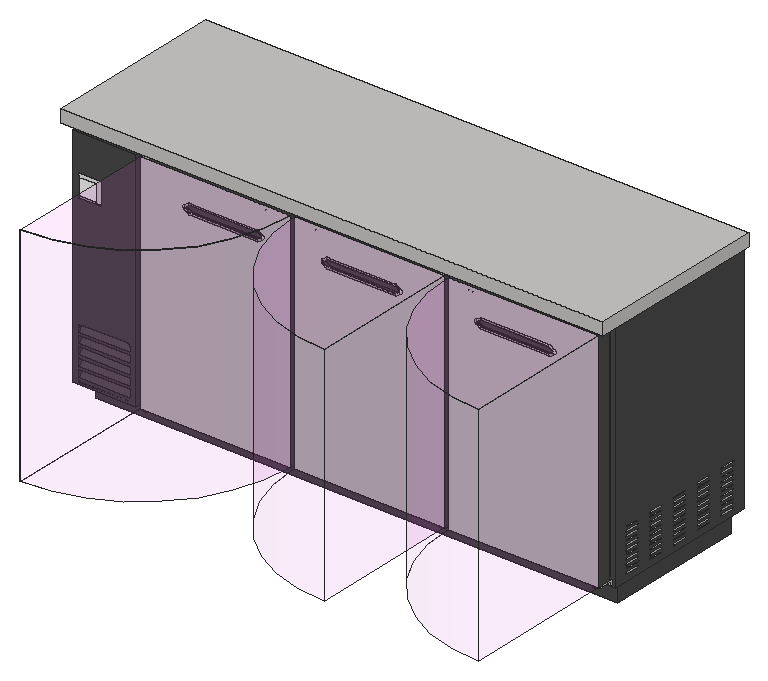
Revit family "QF_Kelvinator_738271_KCHBB72S", category Specialty Equipment, Revit 2021
Family settings
  Round Connector Dimension = Use Diameter
  Part Type = Normal
  Work Plane-Based = No
  Always vertical = Yes
  Cut with Voids When Loaded = No
  Shared = No
  Room Calculation Point = No
Parameters
  Weight in Pounds = 268.964
  Weight = 119.00 lbm
  Watts = 0 W
  Volts = 115 V
  URL Manufacturer = "KELVINATOR"
  URL Cutsheet = ""
  URL = "KELVINATOR"
  Specification by User = ""
  Specification by Manufacturer = ""
  Serial Number = ""
  Seismic Rating = ""
  SMACNA No = ""
  Revision Code = ""
  Refrigerant Type = "R290"
  Phase = 1
  Number of Poles = 1
  NAFEM Spec ID Number = ""
  Model = "KCHBB72S"
  Min Ckt Ampacity = 0 A
  Max Overcurrent Protection = 0 A
  Masterspec = ""
  Manufacturer = "Kelvinator"
  Length Actual = 1856"
  Length = 73 1/16"
  Item Number = "738271"
  Installed By = ""
  Identify Quantity as Lot = yes
  Height Actual = 920"
  Height = 36 1/4"
  HP = "0.4 HP"
  Gas KW = 0
  Furnished By = ""
  Foodservice Equipment Identifier = yes
  FL Amps = 3 A
  Electrical Remarks = ""
  Electric Connection Type = ""
  Elec Conn RI Height = 0"
  Elec Conn Connection Height = 0"
  Description = "3-SOLID DOOR BACK BAR REFRIGERATOR BLACK 73\" LONG"
  Depth Actual = 620"
  Depth = 24 7/16"
  Default Elevation = 0"
  Cycle = 60 Hz
  Conn Plug = "5-15P"
  Conn Conduit = yes
  CSI MasterFormat = ""
  Apparent Power = 0 VA
  Accessory = no
Reference planes (in)
  plane 1 "BACK": y = 0
  plane 2: z = 0
  plane 3 "LEFT": x = 0
  plane 4 "RIGHT": x = 73.0625
  plane 5 "FRONT": y = -24.4375
  plane 6 "TOP": z = 36.25
  plane 7 "Center Y": x = 36.53125
  plane 8 "Center X": y = -12.21875
Dimensions and locks (in)
  equal spacing: plane 3 "LEFT", plane 7 "Center Y", plane 4 "RIGHT"
  "Length": plane 3 "LEFT" to plane 4 "RIGHT"
  equal spacing: plane 5 "FRONT", plane 8 "Center X", plane 1 "BACK"
  "Depth": plane 5 "FRONT" to plane 1 "BACK"
  "Height": plane 6 "TOP" to level
  aligned and locked: level to plane 2
Nested families (in)
  nested 1: "KCHBB48S" at (0, 0, 0), type "KCHBB48S"
    with Show Clearance yes
Connectors (in)
  electrical at (36.53125, -0.715, 2.1875), driven by "Volts", driven by "Watts"
    settings: on nested 1, index 1, voltage 115 V, apparent load 0 VA, apparent load phase1 0 VA, apparent load phase2 0 VA, apparent load phase3 0 VA, power factor 1, load classification "Other", number of poles 1, system type 30, power factor state 1, is connector primary yes, connector utility no, sub classification motor no, connector description ""
Definition of nested family "KCHBB48S"
  Parameters (values of type "KCHBB48S")
    Weight in Pounds = 0
    URL Cutsheet = ""
    Specification by User = ""
    Specification by Manufacturer = ""
    Show Clearance [instance] = yes
    Serial Number = ""
    Seismic Rating = ""
    SMACNA No = ""
    Revision Code = ""
    NAFEM Spec ID Number = ""
    Masterspec = ""
    Length = 73 1/16"
    Item Number = ""
    Installed By = ""
    Identify Quantity as Lot = yes
    Height = 36 1/4"
    Furnished By = ""
    Foodservice Equipment Identifier = yes
    Depth = 24 7/16"
    Default Elevation = 0"
    CSI MasterFormat = ""
  Reference planes (in)
    plane 1 "BACK": y = 0
    plane 2: z = 0
    plane 3 "LEFT": x = 0
    plane 4 "RIGHT": x = 73.0625
    plane 5 "FRONT": y = -24.4375
    plane 6 "TOP": z = 36.25
    plane 7 "Center Y": x = 36.53125
    plane 8 "Center X": y = -12.21875
    plane 9: x = 72.46875
    plane 10: x = 0.59375
    plane 11: x = 71.96875
    plane 12: x = 51.76875
    plane 13: x = 30.46875
    plane 14: x = 10.26875
    plane 15: x = 9.68375
    plane 16: x = 1.18375
    plane 17: z = 2.6875
    plane 18: z = 34.5875
    plane 19: y = -40.8
    plane 20: y = -21.6
    plane 21: x = 1.34375
    plane 22: x = 71.71875
    plane 23: y = -1.34
    plane 24: y = -20.26
    plane 25: z = 33.8375
    plane 26: z = 3.4375
    plane 27: y = -22.1
    plane 28: x = 1.93375
    plane 29: x = 8.93375
    plane 30: x = 51.26875
    plane 31: x = 31.06875
  Forms (in)
    Extrusion 1, solid
      sketch origin (0.59375, -180, -2.6612) x (0, 0, -1) y (0, -1, 0)
        loop
          line (-5.3487, -180) -> (-5.3487, -158.4) -> (-37.2487, -158.4) -> (-37.2487, -180) -> (-5.3487, -180)
      from 0 to -71.875
    Extrusion 2, solid
      sketch origin (0, 0, 0) x (0, 1, 0) y (0, 0, 1)
        loop
          line (-24.4375, 36.25) -> (-24.4375, 34.5875) -> (0, 34.5875) -> (0, 36.25) -> (-24.4375, 36.25)
      from 0 to 73.0625
    Extrusion 3, solid
      sketch origin (0, -1.34, 0) x (0, 0, -1) y (1, 0, 0)
        loop
          line (-2.6875, 1.34375) -> (0, 1.34375) -> (0, 71.71875) -> (-2.6875, 71.71875) -> (-2.6875, 1.34375)
      from 0 to 18.92
    Extrusion 4, solid
      sketch origin (0, -22.1, 34.5875) x (0, 0, 1) y (1, 0, 0)
        loop
          line (-0.75, 1.18375) -> (-0.75, 9.68375) -> (-31.15, 9.68375) -> (-31.15, 1.18375) -> (-0.75, 1.18375)
      from 0.5 to -1.75
    Extrusion 5, void
      sketch origin (1.93375, -180, 12.66737) x (0, 0, -1) y (0, -1, 0)
        loop
          line (8.97987, -157.025) -> (8.97987, -154.65) -> (1.85487, -154.65) -> (1.85487, -157.025) -> (2.10487, -157.025) -> (2.97987, -156.15) -> (3.22987, -156.15) -> (3.22987, -157.025) -> (3.47987, -157.025) -> (4.35487, -156.15) -> (4.60487, -156.15) -> (4.60487, -157.025) -> (4.85487, -157.025) -> (5.72987, -156.15) -> (5.97987, -156.15) -> (5.97987, -157.025) -> (6.22987, -157.025) -> (7.10487, -156.15) -> (7.35487, -156.15) -> (7.35487, -157.025) -> (7.60487, -157.025) -> (8.47987, -156.15) -> (8.72987, -156.15) -> (8.72987, -157.025) -> (8.97987, -157.025)
      from 0 to -7
    Extrusion 6, solid
      sketch origin (71.96875, -23.85, 3.4375) x (0, 0, 1) y (-1, 0, 0)
        loop
          line (7.375, 63.535) -> (7.375, 69.535)
          arc (7.375, 69.535) -> (7.22855, 69.88855) -> (6.875, 70.035) r 0.5
          line (6.875, 70.035) -> (0.75, 70.035)
          arc (0.75, 70.035) -> (0.39645, 69.88855) -> (0.25, 69.535) r 0.5
          line (0.25, 69.535) -> (0.25, 63.535)
          arc (0.25, 63.535) -> (0.39645, 63.18145) -> (0.75, 63.035) r 0.5
          line (0.75, 63.035) -> (6.875, 63.035)
          arc (6.875, 63.035) -> (7.22855, 63.18145) -> (7.375, 63.535) r 0.5
        loop
          line (7.625, 63.535) -> (7.625, 69.535)
          arc (7.625, 69.535) -> (7.40533, 70.06533) -> (6.875, 70.285) r 0.75
          line (6.875, 70.285) -> (0.75, 70.285)
          arc (0.75, 70.285) -> (0.21967, 70.06533) -> (0, 69.535) r 0.75
          line (0, 69.535) -> (0, 63.535)
          arc (0, 63.535) -> (0.21967, 63.00467) -> (0.75, 62.785) r 0.75
          line (0.75, 62.785) -> (6.875, 62.785)
          arc (6.875, 62.785) -> (7.40533, 63.00467) -> (7.625, 63.535) r 0.75
      from 0 to -0.875
    Blend 7, solid
      base sketch origin (71.96875, -23.85, 3.4375) x (0, 0, 1) y (-1, 0, 0)
        loop
          line (25.18493, 69.65025) -> (22.93493, 69.65025) -> (22.93493, 67.40025) -> (25.18493, 67.40025) -> (25.18493, 69.65025)
      top sketch origin (71.96875, -23.85, 3.4375) x (0, 0, 1) y (-1, 0, 0)
        loop
          line (25.56493, 70.03025) -> (22.55493, 70.03025) -> (22.55493, 67.02025) -> (25.56493, 67.02025) -> (25.56493, 70.03025)
      from 0.21643 to 0
    Extrusion 8, void
      sketch origin (0.59375, -180, -2.6612) x (0, 0, 1) y (0, -1, 0)
        loop
          arc (12.07129, -160.16063) -> (11.91504, -160.00438) -> (11.75879, -160.16063) r 0.15625
          line (11.75879, -160.16063) -> (11.75879, -162.09813)
          arc (11.75879, -162.09813) -> (11.91504, -162.25438) -> (12.07129, -162.09813) r 0.15625
          line (12.07129, -162.09813) -> (12.07129, -160.16063)
        loop
          arc (11.50879, -160.16063) -> (11.35254, -160.00438) -> (11.19629, -160.16063) r 0.15625
          line (11.19629, -160.16063) -> (11.19629, -162.09813)
          arc (11.19629, -162.09813) -> (11.35254, -162.25438) -> (11.50879, -162.09813) r 0.15625
          line (11.50879, -162.09813) -> (11.50879, -160.16063)
        loop
          arc (10.94629, -160.16063) -> (10.79004, -160.00438) -> (10.63379, -160.16063) r 0.15625
          line (10.63379, -160.16063) -> (10.63379, -162.09813)
          arc (10.63379, -162.09813) -> (10.79004, -162.25438) -> (10.94629, -162.09813) r 0.15625
          line (10.94629, -162.09813) -> (10.94629, -160.16063)
        loop
          arc (10.38379, -160.16063) -> (10.22754, -160.00438) -> (10.07129, -160.16063) r 0.15625
          line (10.07129, -160.16063) -> (10.07129, -162.09813)
          arc (10.07129, -162.09813) -> (10.22754, -162.25438) -> (10.38379, -162.09813) r 0.15625
          line (10.38379, -162.09813) -> (10.38379, -160.16063)
        loop
          arc (9.82129, -160.16063) -> (9.66504, -160.00438) -> (9.50879, -160.16063) r 0.15625
          line (9.50879, -160.16063) -> (9.50879, -162.09813)
          arc (9.50879, -162.09813) -> (9.66504, -162.25438) -> (9.82129, -162.09813) r 0.15625
          line (9.82129, -162.09813) -> (9.82129, -160.16063)
        loop
          arc (9.25879, -160.16063) -> (9.10254, -160.00438) -> (8.94629, -160.16063) r 0.15625
          line (8.94629, -160.16063) -> (8.94629, -162.09813)
          arc (8.94629, -162.09813) -> (9.10254, -162.25438) -> (9.25879, -162.09813) r 0.15625
          line (9.25879, -162.09813) -> (9.25879, -160.16063)
        loop
          arc (8.69629, -160.16063) -> (8.54004, -160.00438) -> (8.38379, -160.16063) r 0.15625
          line (8.38379, -160.16063) -> (8.38379, -162.09813)
          arc (8.38379, -162.09813) -> (8.54004, -162.25438) -> (8.69629, -162.09813) r 0.15625
          line (8.69629, -162.09813) -> (8.69629, -160.16063)
        loop
          arc (8.13379, -160.16063) -> (7.97754, -160.00438) -> (7.82129, -160.16063) r 0.15625
          line (7.82129, -160.16063) -> (7.82129, -162.09813)
          arc (7.82129, -162.09813) -> (7.97754, -162.25438) -> (8.13379, -162.09813) r 0.15625
          line (8.13379, -162.09813) -> (8.13379, -160.16063)
        loop
          arc (7.57129, -160.16063) -> (7.41504, -160.00438) -> (7.25879, -160.16063) r 0.15625
          line (7.25879, -160.16063) -> (7.25879, -162.09813)
          arc (7.25879, -162.09813) -> (7.41504, -162.25438) -> (7.57129, -162.09813) r 0.15625
          line (7.57129, -162.09813) -> (7.57129, -160.16063)
        loop
          arc (7.00879, -160.16063) -> (6.85254, -160.00438) -> (6.69629, -160.16063) r 0.15625
          line (6.69629, -160.16063) -> (6.69629, -162.09813)
          arc (6.69629, -162.09813) -> (6.85254, -162.25438) -> (7.00879, -162.09813) r 0.15625
          line (7.00879, -162.09813) -> (7.00879, -160.16063)
        loop
          arc (6.44629, -160.16063) -> (6.29004, -160.00438) -> (6.13379, -160.16063) r 0.15625
          line (6.13379, -160.16063) -> (6.13379, -162.09813)
          arc (6.13379, -162.09813) -> (6.29004, -162.25438) -> (6.44629, -162.09813) r 0.15625
          line (6.44629, -162.09813) -> (6.44629, -160.16063)
        loop
          arc (12.07129, -164.16063) -> (11.91504, -164.00438) -> (11.75879, -164.16063) r 0.15625
          line (11.75879, -164.16063) -> (11.75879, -166.09813)
          arc (11.75879, -166.09813) -> (11.91504, -166.25438) -> (12.07129, -166.09813) r 0.15625
          line (12.07129, -166.09813) -> (12.07129, -164.16063)
        loop
          arc (11.50879, -164.16063) -> (11.35254, -164.00438) -> (11.19629, -164.16063) r 0.15625
          line (11.19629, -164.16063) -> (11.19629, -166.09813)
          arc (11.19629, -166.09813) -> (11.35254, -166.25438) -> (11.50879, -166.09813) r 0.15625
          line (11.50879, -166.09813) -> (11.50879, -164.16063)
        loop
          arc (10.94629, -164.16063) -> (10.79004, -164.00438) -> (10.63379, -164.16063) r 0.15625
          line (10.63379, -164.16063) -> (10.63379, -166.09813)
          arc (10.63379, -166.09813) -> (10.79004, -166.25438) -> (10.94629, -166.09813) r 0.15625
          line (10.94629, -166.09813) -> (10.94629, -164.16063)
        loop
          arc (10.38379, -164.16063) -> (10.22754, -164.00438) -> (10.07129, -164.16063) r 0.15625
          line (10.07129, -164.16063) -> (10.07129, -166.09813)
          arc (10.07129, -166.09813) -> (10.22754, -166.25438) -> (10.38379, -166.09813) r 0.15625
          line (10.38379, -166.09813) -> (10.38379, -164.16063)
        loop
          arc (9.82129, -164.16063) -> (9.66504, -164.00438) -> (9.50879, -164.16063) r 0.15625
          line (9.50879, -164.16063) -> (9.50879, -166.09813)
          arc (9.50879, -166.09813) -> (9.66504, -166.25438) -> (9.82129, -166.09813) r 0.15625
          line (9.82129, -166.09813) -> (9.82129, -164.16063)
        loop
          arc (9.25879, -164.16063) -> (9.10254, -164.00438) -> (8.94629, -164.16063) r 0.15625
          line (8.94629, -164.16063) -> (8.94629, -166.09813)
          arc (8.94629, -166.09813) -> (9.10254, -166.25438) -> (9.25879, -166.09813) r 0.15625
          line (9.25879, -166.09813) -> (9.25879, -164.16063)
        loop
          arc (8.69629, -164.16063) -> (8.54004, -164.00438) -> (8.38379, -164.16063) r 0.15625
          line (8.38379, -164.16063) -> (8.38379, -166.09813)
          arc (8.38379, -166.09813) -> (8.54004, -166.25438) -> (8.69629, -166.09813) r 0.15625
          line (8.69629, -166.09813) -> (8.69629, -164.16063)
        loop
          arc (8.13379, -164.16063) -> (7.97754, -164.00438) -> (7.82129, -164.16063) r 0.15625
          line (7.82129, -164.16063) -> (7.82129, -166.09813)
          arc (7.82129, -166.09813) -> (7.97754, -166.25438) -> (8.13379, -166.09813) r 0.15625
          line (8.13379, -166.09813) -> (8.13379, -164.16063)
        loop
          arc (7.57129, -164.16063) -> (7.41504, -164.00438) -> (7.25879, -164.16063) r 0.15625
          line (7.25879, -164.16063) -> (7.25879, -166.09813)
          arc (7.25879, -166.09813) -> (7.41504, -166.25438) -> (7.57129, -166.09813) r 0.15625
          line (7.57129, -166.09813) -> (7.57129, -164.16063)
        loop
          arc (7.00879, -164.16063) -> (6.85254, -164.00438) -> (6.69629, -164.16063) r 0.15625
          line (6.69629, -164.16063) -> (6.69629, -166.09813)
          arc (6.69629, -166.09813) -> (6.85254, -166.25438) -> (7.00879, -166.09813) r 0.15625
          line (7.00879, -166.09813) -> (7.00879, -164.16063)
        loop
          arc (6.44629, -164.16063) -> (6.29004, -164.00438) -> (6.13379, -164.16063) r 0.15625
          line (6.13379, -164.16063) -> (6.13379, -166.09813)
          arc (6.13379, -166.09813) -> (6.29004, -166.25438) -> (6.44629, -166.09813) r 0.15625
          line (6.44629, -166.09813) -> (6.44629, -164.16063)
        loop
          arc (12.07129, -168.16063) -> (11.91504, -168.00438) -> (11.75879, -168.16063) r 0.15625
          line (11.75879, -168.16063) -> (11.75879, -170.09813)
          arc (11.75879, -170.09813) -> (11.91504, -170.25438) -> (12.07129, -170.09813) r 0.15625
          line (12.07129, -170.09813) -> (12.07129, -168.16063)
        loop
          arc (11.50879, -168.16063) -> (11.35254, -168.00438) -> (11.19629, -168.16063) r 0.15625
          line (11.19629, -168.16063) -> (11.19629, -170.09813)
          arc (11.19629, -170.09813) -> (11.35254, -170.25438) -> (11.50879, -170.09813) r 0.15625
          line (11.50879, -170.09813) -> (11.50879, -168.16063)
        loop
          arc (10.94629, -168.16063) -> (10.79004, -168.00438) -> (10.63379, -168.16063) r 0.15625
          line (10.63379, -168.16063) -> (10.63379, -170.09813)
          arc (10.63379, -170.09813) -> (10.79004, -170.25438) -> (10.94629, -170.09813) r 0.15625
          line (10.94629, -170.09813) -> (10.94629, -168.16063)
        loop
          arc (10.38379, -168.16063) -> (10.22754, -168.00438) -> (10.07129, -168.16063) r 0.15625
          line (10.07129, -168.16063) -> (10.07129, -170.09813)
          arc (10.07129, -170.09813) -> (10.22754, -170.25438) -> (10.38379, -170.09813) r 0.15625
          line (10.38379, -170.09813) -> (10.38379, -168.16063)
        loop
          arc (9.82129, -168.16063) -> (9.66504, -168.00438) -> (9.50879, -168.16063) r 0.15625
          line (9.50879, -168.16063) -> (9.50879, -170.09813)
          arc (9.50879, -170.09813) -> (9.66504, -170.25438) -> (9.82129, -170.09813) r 0.15625
          line (9.82129, -170.09813) -> (9.82129, -168.16063)
        loop
          arc (9.25879, -168.16063) -> (9.10254, -168.00438) -> (8.94629, -168.16063) r 0.15625
          line (8.94629, -168.16063) -> (8.94629, -170.09813)
          arc (8.94629, -170.09813) -> (9.10254, -170.25438) -> (9.25879, -170.09813) r 0.15625
          line (9.25879, -170.09813) -> (9.25879, -168.16063)
        loop
          arc (8.69629, -168.16063) -> (8.54004, -168.00438) -> (8.38379, -168.16063) r 0.15625
          line (8.38379, -168.16063) -> (8.38379, -170.09813)
          arc (8.38379, -170.09813) -> (8.54004, -170.25438) -> (8.69629, -170.09813) r 0.15625
          line (8.69629, -170.09813) -> (8.69629, -168.16063)
        loop
          arc (8.13379, -168.16063) -> (7.97754, -168.00438) -> (7.82129, -168.16063) r 0.15625
          line (7.82129, -168.16063) -> (7.82129, -170.09813)
          arc (7.82129, -170.09813) -> (7.97754, -170.25438) -> (8.13379, -170.09813) r 0.15625
          line (8.13379, -170.09813) -> (8.13379, -168.16063)
        loop
          arc (7.57129, -168.16063) -> (7.41504, -168.00438) -> (7.25879, -168.16063) r 0.15625
          line (7.25879, -168.16063) -> (7.25879, -170.09813)
          arc (7.25879, -170.09813) -> (7.41504, -170.25438) -> (7.57129, -170.09813) r 0.15625
          line (7.57129, -170.09813) -> (7.57129, -168.16063)
        loop
          arc (7.00879, -168.16063) -> (6.85254, -168.00438) -> (6.69629, -168.16063) r 0.15625
          line (6.69629, -168.16063) -> (6.69629, -170.09813)
          arc (6.69629, -170.09813) -> (6.85254, -170.25438) -> (7.00879, -170.09813) r 0.15625
          line (7.00879, -170.09813) -> (7.00879, -168.16063)
        loop
          arc (6.44629, -168.16063) -> (6.29004, -168.00438) -> (6.13379, -168.16063) r 0.15625
          line (6.13379, -168.16063) -> (6.13379, -170.09813)
          arc (6.13379, -170.09813) -> (6.29004, -170.25438) -> (6.44629, -170.09813) r 0.15625
          line (6.44629, -170.09813) -> (6.44629, -168.16063)
        loop
          arc (12.07129, -172.16063) -> (11.91504, -172.00438) -> (11.75879, -172.16063) r 0.15625
          line (11.75879, -172.16063) -> (11.75879, -174.09813)
          arc (11.75879, -174.09813) -> (11.91504, -174.25438) -> (12.07129, -174.09813) r 0.15625
          line (12.07129, -174.09813) -> (12.07129, -172.16063)
        loop
          arc (11.50879, -172.16063) -> (11.35254, -172.00438) -> (11.19629, -172.16063) r 0.15625
          line (11.19629, -172.16063) -> (11.19629, -174.09813)
          arc (11.19629, -174.09813) -> (11.35254, -174.25438) -> (11.50879, -174.09813) r 0.15625
          line (11.50879, -174.09813) -> (11.50879, -172.16063)
        loop
          arc (10.94629, -172.16063) -> (10.79004, -172.00438) -> (10.63379, -172.16063) r 0.15625
          line (10.63379, -172.16063) -> (10.63379, -174.09813)
          arc (10.63379, -174.09813) -> (10.79004, -174.25438) -> (10.94629, -174.09813) r 0.15625
          line (10.94629, -174.09813) -> (10.94629, -172.16063)
        loop
          arc (10.38379, -172.16063) -> (10.22754, -172.00438) -> (10.07129, -172.16063) r 0.15625
          line (10.07129, -172.16063) -> (10.07129, -174.09813)
          arc (10.07129, -174.09813) -> (10.22754, -174.25438) -> (10.38379, -174.09813) r 0.15625
          line (10.38379, -174.09813) -> (10.38379, -172.16063)
        loop
          arc (9.82129, -172.16063) -> (9.66504, -172.00438) -> (9.50879, -172.16063) r 0.15625
          line (9.50879, -172.16063) -> (9.50879, -174.09813)
          arc (9.50879, -174.09813) -> (9.66504, -174.25438) -> (9.82129, -174.09813) r 0.15625
          line (9.82129, -174.09813) -> (9.82129, -172.16063)
        loop
          arc (9.25879, -172.16063) -> (9.10254, -172.00438) -> (8.94629, -172.16063) r 0.15625
          line (8.94629, -172.16063) -> (8.94629, -174.09813)
          arc (8.94629, -174.09813) -> (9.10254, -174.25438) -> (9.25879, -174.09813) r 0.15625
          line (9.25879, -174.09813) -> (9.25879, -172.16063)
        loop
          arc (8.69629, -172.16063) -> (8.54004, -172.00438) -> (8.38379, -172.16063) r 0.15625
          line (8.38379, -172.16063) -> (8.38379, -174.09813)
          arc (8.38379, -174.09813) -> (8.54004, -174.25438) -> (8.69629, -174.09813) r 0.15625
          line (8.69629, -174.09813) -> (8.69629, -172.16063)
        loop
          arc (8.13379, -172.16063) -> (7.97754, -172.00438) -> (7.82129, -172.16063) r 0.15625
          line (7.82129, -172.16063) -> (7.82129, -174.09813)
          arc (7.82129, -174.09813) -> (7.97754, -174.25438) -> (8.13379, -174.09813) r 0.15625
          line (8.13379, -174.09813) -> (8.13379, -172.16063)
        loop
          arc (7.57129, -172.16063) -> (7.41504, -172.00438) -> (7.25879, -172.16063) r 0.15625
          line (7.25879, -172.16063) -> (7.25879, -174.09813)
          arc (7.25879, -174.09813) -> (7.41504, -174.25438) -> (7.57129, -174.09813) r 0.15625
          line (7.57129, -174.09813) -> (7.57129, -172.16063)
        loop
          arc (7.00879, -172.16063) -> (6.85254, -172.00438) -> (6.69629, -172.16063) r 0.15625
          line (6.69629, -172.16063) -> (6.69629, -174.09813)
          arc (6.69629, -174.09813) -> (6.85254, -174.25438) -> (7.00879, -174.09813) r 0.15625
          line (7.00879, -174.09813) -> (7.00879, -172.16063)
        loop
          arc (6.44629, -172.16063) -> (6.29004, -172.00438) -> (6.13379, -172.16063) r 0.15625
          line (6.13379, -172.16063) -> (6.13379, -174.09813)
          arc (6.13379, -174.09813) -> (6.29004, -174.25438) -> (6.44629, -174.09813) r 0.15625
          line (6.44629, -174.09813) -> (6.44629, -172.16063)
        loop
          arc (12.07129, -176.16063) -> (11.91504, -176.00438) -> (11.75879, -176.16063) r 0.15625
          line (11.75879, -176.16063) -> (11.75879, -178.09813)
          arc (11.75879, -178.09813) -> (11.91504, -178.25438) -> (12.07129, -178.09813) r 0.15625
          line (12.07129, -178.09813) -> (12.07129, -176.16063)
        loop
          arc (11.50879, -176.16063) -> (11.35254, -176.00438) -> (11.19629, -176.16063) r 0.15625
          line (11.19629, -176.16063) -> (11.19629, -178.09813)
          arc (11.19629, -178.09813) -> (11.35254, -178.25438) -> (11.50879, -178.09813) r 0.15625
          line (11.50879, -178.09813) -> (11.50879, -176.16063)
        loop
          arc (10.94629, -176.16063) -> (10.79004, -176.00438) -> (10.63379, -176.16063) r 0.15625
          line (10.63379, -176.16063) -> (10.63379, -178.09813)
          arc (10.63379, -178.09813) -> (10.79004, -178.25438) -> (10.94629, -178.09813) r 0.15625
          line (10.94629, -178.09813) -> (10.94629, -176.16063)
        loop
          arc (10.38379, -176.16063) -> (10.22754, -176.00438) -> (10.07129, -176.16063) r 0.15625
          line (10.07129, -176.16063) -> (10.07129, -178.09813)
          arc (10.07129, -178.09813) -> (10.22754, -178.25438) -> (10.38379, -178.09813) r 0.15625
          line (10.38379, -178.09813) -> (10.38379, -176.16063)
        loop
          arc (9.82129, -176.16063) -> (9.66504, -176.00438) -> (9.50879, -176.16063) r 0.15625
          line (9.50879, -176.16063) -> (9.50879, -178.09813)
          arc (9.50879, -178.09813) -> (9.66504, -178.25438) -> (9.82129, -178.09813) r 0.15625
          line (9.82129, -178.09813) -> (9.82129, -176.16063)
        loop
          arc (9.25879, -176.16063) -> (9.10254, -176.00438) -> (8.94629, -176.16063) r 0.15625
          line (8.94629, -176.16063) -> (8.94629, -178.09813)
          arc (8.94629, -178.09813) -> (9.10254, -178.25438) -> (9.25879, -178.09813) r 0.15625
          line (9.25879, -178.09813) -> (9.25879, -176.16063)
        loop
          arc (8.69629, -176.16063) -> (8.54004, -176.00438) -> (8.38379, -176.16063) r 0.15625
          line (8.38379, -176.16063) -> (8.38379, -178.09813)
          arc (8.38379, -178.09813) -> (8.54004, -178.25438) -> (8.69629, -178.09813) r 0.15625
          line (8.69629, -178.09813) -> (8.69629, -176.16063)
        loop
          arc (8.13379, -176.16063) -> (7.97754, -176.00438) -> (7.82129, -176.16063) r 0.15625
          line (7.82129, -176.16063) -> (7.82129, -178.09813)
          arc (7.82129, -178.09813) -> (7.97754, -178.25438) -> (8.13379, -178.09813) r 0.15625
          line (8.13379, -178.09813) -> (8.13379, -176.16063)
        loop
          arc (7.57129, -176.16063) -> (7.41504, -176.00438) -> (7.25879, -176.16063) r 0.15625
          line (7.25879, -176.16063) -> (7.25879, -178.09813)
          arc (7.25879, -178.09813) -> (7.41504, -178.25438) -> (7.57129, -178.09813) r 0.15625
          line (7.57129, -178.09813) -> (7.57129, -176.16063)
        loop
          arc (7.00879, -176.16063) -> (6.85254, -176.00438) -> (6.69629, -176.16063) r 0.15625
          line (6.69629, -176.16063) -> (6.69629, -178.09813)
          arc (6.69629, -178.09813) -> (6.85254, -178.25438) -> (7.00879, -178.09813) r 0.15625
          line (7.00879, -178.09813) -> (7.00879, -176.16063)
        loop
          arc (6.44629, -176.16063) -> (6.29004, -176.00438) -> (6.13379, -176.16063) r 0.15625
          line (6.13379, -176.16063) -> (6.13379, -178.09813)
          arc (6.13379, -178.09813) -> (6.29004, -178.25438) -> (6.44629, -178.09813) r 0.15625
          line (6.44629, -178.09813) -> (6.44629, -176.16063)
      from 0 to 0.03
    Extrusion 9, void
      sketch origin (72.46875, -180, -2.6612) x (0, 0, -1) y (0, -1, 0)
        loop
          line (-12.07129, -160.16063) -> (-12.07129, -162.09813)
          arc (-12.07129, -162.09813) -> (-11.91504, -162.25438) -> (-11.75879, -162.09813) r 0.15625
          line (-11.75879, -162.09813) -> (-11.75879, -160.16063)
          arc (-11.75879, -160.16063) -> (-11.91504, -160.00438) -> (-12.07129, -160.16063) r 0.15625
        loop
          line (-11.50879, -160.16063) -> (-11.50879, -162.09813)
          arc (-11.50879, -162.09813) -> (-11.35254, -162.25438) -> (-11.19629, -162.09813) r 0.15625
          line (-11.19629, -162.09813) -> (-11.19629, -160.16063)
          arc (-11.19629, -160.16063) -> (-11.35254, -160.00438) -> (-11.50879, -160.16063) r 0.15625
        loop
          line (-10.94629, -160.16063) -> (-10.94629, -162.09813)
          arc (-10.94629, -162.09813) -> (-10.79004, -162.25438) -> (-10.63379, -162.09813) r 0.15625
          line (-10.63379, -162.09813) -> (-10.63379, -160.16063)
          arc (-10.63379, -160.16063) -> (-10.79004, -160.00438) -> (-10.94629, -160.16063) r 0.15625
        loop
          line (-10.38379, -160.16063) -> (-10.38379, -162.09813)
          arc (-10.38379, -162.09813) -> (-10.22754, -162.25438) -> (-10.07129, -162.09813) r 0.15625
          line (-10.07129, -162.09813) -> (-10.07129, -160.16063)
          arc (-10.07129, -160.16063) -> (-10.22754, -160.00438) -> (-10.38379, -160.16063) r 0.15625
        loop
          line (-9.82129, -160.16063) -> (-9.82129, -162.09813)
          arc (-9.82129, -162.09813) -> (-9.66504, -162.25438) -> (-9.50879, -162.09813) r 0.15625
          line (-9.50879, -162.09813) -> (-9.50879, -160.16063)
          arc (-9.50879, -160.16063) -> (-9.66504, -160.00438) -> (-9.82129, -160.16063) r 0.15625
        loop
          line (-9.25879, -160.16063) -> (-9.25879, -162.09813)
          arc (-9.25879, -162.09813) -> (-9.10254, -162.25438) -> (-8.94629, -162.09813) r 0.15625
          line (-8.94629, -162.09813) -> (-8.94629, -160.16063)
          arc (-8.94629, -160.16063) -> (-9.10254, -160.00438) -> (-9.25879, -160.16063) r 0.15625
        loop
          line (-8.69629, -160.16063) -> (-8.69629, -162.09813)
          arc (-8.69629, -162.09813) -> (-8.54004, -162.25438) -> (-8.38379, -162.09813) r 0.15625
          line (-8.38379, -162.09813) -> (-8.38379, -160.16063)
          arc (-8.38379, -160.16063) -> (-8.54004, -160.00438) -> (-8.69629, -160.16063) r 0.15625
        loop
          line (-8.13379, -160.16063) -> (-8.13379, -162.09813)
          arc (-8.13379, -162.09813) -> (-7.97754, -162.25438) -> (-7.82129, -162.09813) r 0.15625
          line (-7.82129, -162.09813) -> (-7.82129, -160.16063)
          arc (-7.82129, -160.16063) -> (-7.97754, -160.00438) -> (-8.13379, -160.16063) r 0.15625
        loop
          line (-7.57129, -160.16063) -> (-7.57129, -162.09813)
          arc (-7.57129, -162.09813) -> (-7.41504, -162.25438) -> (-7.25879, -162.09813) r 0.15625
          line (-7.25879, -162.09813) -> (-7.25879, -160.16063)
          arc (-7.25879, -160.16063) -> (-7.41504, -160.00438) -> (-7.57129, -160.16063) r 0.15625
        loop
          line (-7.00879, -160.16063) -> (-7.00879, -162.09813)
          arc (-7.00879, -162.09813) -> (-6.85254, -162.25438) -> (-6.69629, -162.09813) r 0.15625
          line (-6.69629, -162.09813) -> (-6.69629, -160.16063)
          arc (-6.69629, -160.16063) -> (-6.85254, -160.00438) -> (-7.00879, -160.16063) r 0.15625
        loop
          line (-6.44629, -160.16063) -> (-6.44629, -162.09813)
          arc (-6.44629, -162.09813) -> (-6.29004, -162.25438) -> (-6.13379, -162.09813) r 0.15625
          line (-6.13379, -162.09813) -> (-6.13379, -160.16063)
          arc (-6.13379, -160.16063) -> (-6.29004, -160.00438) -> (-6.44629, -160.16063) r 0.15625
        loop
          line (-12.07129, -164.16063) -> (-12.07129, -166.09813)
          arc (-12.07129, -166.09813) -> (-11.91504, -166.25438) -> (-11.75879, -166.09813) r 0.15625
          line (-11.75879, -166.09813) -> (-11.75879, -164.16063)
          arc (-11.75879, -164.16063) -> (-11.91504, -164.00438) -> (-12.07129, -164.16063) r 0.15625
        loop
          line (-11.50879, -164.16063) -> (-11.50879, -166.09813)
          arc (-11.50879, -166.09813) -> (-11.35254, -166.25438) -> (-11.19629, -166.09813) r 0.15625
          line (-11.19629, -166.09813) -> (-11.19629, -164.16063)
          arc (-11.19629, -164.16063) -> (-11.35254, -164.00438) -> (-11.50879, -164.16063) r 0.15625
        loop
          line (-10.94629, -164.16063) -> (-10.94629, -166.09813)
          arc (-10.94629, -166.09813) -> (-10.79004, -166.25438) -> (-10.63379, -166.09813) r 0.15625
          line (-10.63379, -166.09813) -> (-10.63379, -164.16063)
          arc (-10.63379, -164.16063) -> (-10.79004, -164.00438) -> (-10.94629, -164.16063) r 0.15625
        loop
          line (-10.38379, -164.16063) -> (-10.38379, -166.09813)
          arc (-10.38379, -166.09813) -> (-10.22754, -166.25438) -> (-10.07129, -166.09813) r 0.15625
          line (-10.07129, -166.09813) -> (-10.07129, -164.16063)
          arc (-10.07129, -164.16063) -> (-10.22754, -164.00438) -> (-10.38379, -164.16063) r 0.15625
        loop
          line (-9.82129, -164.16063) -> (-9.82129, -166.09813)
          arc (-9.82129, -166.09813) -> (-9.66504, -166.25438) -> (-9.50879, -166.09813) r 0.15625
          line (-9.50879, -166.09813) -> (-9.50879, -164.16063)
          arc (-9.50879, -164.16063) -> (-9.66504, -164.00438) -> (-9.82129, -164.16063) r 0.15625
        loop
          line (-9.25879, -164.16063) -> (-9.25879, -166.09813)
          arc (-9.25879, -166.09813) -> (-9.10254, -166.25438) -> (-8.94629, -166.09813) r 0.15625
          line (-8.94629, -166.09813) -> (-8.94629, -164.16063)
          arc (-8.94629, -164.16063) -> (-9.10254, -164.00438) -> (-9.25879, -164.16063) r 0.15625
        loop
          line (-8.69629, -164.16063) -> (-8.69629, -166.09813)
          arc (-8.69629, -166.09813) -> (-8.54004, -166.25438) -> (-8.38379, -166.09813) r 0.15625
          line (-8.38379, -166.09813) -> (-8.38379, -164.16063)
          arc (-8.38379, -164.16063) -> (-8.54004, -164.00438) -> (-8.69629, -164.16063) r 0.15625
        loop
          line (-8.13379, -164.16063) -> (-8.13379, -166.09813)
          arc (-8.13379, -166.09813) -> (-7.97754, -166.25438) -> (-7.82129, -166.09813) r 0.15625
          line (-7.82129, -166.09813) -> (-7.82129, -164.16063)
          arc (-7.82129, -164.16063) -> (-7.97754, -164.00438) -> (-8.13379, -164.16063) r 0.15625
        loop
          line (-7.57129, -164.16063) -> (-7.57129, -166.09813)
          arc (-7.57129, -166.09813) -> (-7.41504, -166.25438) -> (-7.25879, -166.09813) r 0.15625
          line (-7.25879, -166.09813) -> (-7.25879, -164.16063)
          arc (-7.25879, -164.16063) -> (-7.41504, -164.00438) -> (-7.57129, -164.16063) r 0.15625
        loop
          line (-7.00879, -164.16063) -> (-7.00879, -166.09813)
          arc (-7.00879, -166.09813) -> (-6.85254, -166.25438) -> (-6.69629, -166.09813) r 0.15625
          line (-6.69629, -166.09813) -> (-6.69629, -164.16063)
          arc (-6.69629, -164.16063) -> (-6.85254, -164.00438) -> (-7.00879, -164.16063) r 0.15625
        loop
          line (-6.44629, -164.16063) -> (-6.44629, -166.09813)
          arc (-6.44629, -166.09813) -> (-6.29004, -166.25438) -> (-6.13379, -166.09813) r 0.15625
          line (-6.13379, -166.09813) -> (-6.13379, -164.16063)
          arc (-6.13379, -164.16063) -> (-6.29004, -164.00438) -> (-6.44629, -164.16063) r 0.15625
        loop
          line (-12.07129, -168.16063) -> (-12.07129, -170.09813)
          arc (-12.07129, -170.09813) -> (-11.91504, -170.25438) -> (-11.75879, -170.09813) r 0.15625
          line (-11.75879, -170.09813) -> (-11.75879, -168.16063)
          arc (-11.75879, -168.16063) -> (-11.91504, -168.00438) -> (-12.07129, -168.16063) r 0.15625
        loop
          line (-11.50879, -168.16063) -> (-11.50879, -170.09813)
          arc (-11.50879, -170.09813) -> (-11.35254, -170.25438) -> (-11.19629, -170.09813) r 0.15625
          line (-11.19629, -170.09813) -> (-11.19629, -168.16063)
          arc (-11.19629, -168.16063) -> (-11.35254, -168.00438) -> (-11.50879, -168.16063) r 0.15625
        loop
          line (-10.94629, -168.16063) -> (-10.94629, -170.09813)
          arc (-10.94629, -170.09813) -> (-10.79004, -170.25438) -> (-10.63379, -170.09813) r 0.15625
          line (-10.63379, -170.09813) -> (-10.63379, -168.16063)
          arc (-10.63379, -168.16063) -> (-10.79004, -168.00438) -> (-10.94629, -168.16063) r 0.15625
        loop
          line (-10.38379, -168.16063) -> (-10.38379, -170.09813)
          arc (-10.38379, -170.09813) -> (-10.22754, -170.25438) -> (-10.07129, -170.09813) r 0.15625
          line (-10.07129, -170.09813) -> (-10.07129, -168.16063)
          arc (-10.07129, -168.16063) -> (-10.22754, -168.00438) -> (-10.38379, -168.16063) r 0.15625
        loop
          line (-9.82129, -168.16063) -> (-9.82129, -170.09813)
          arc (-9.82129, -170.09813) -> (-9.66504, -170.25438) -> (-9.50879, -170.09813) r 0.15625
          line (-9.50879, -170.09813) -> (-9.50879, -168.16063)
          arc (-9.50879, -168.16063) -> (-9.66504, -168.00438) -> (-9.82129, -168.16063) r 0.15625
        loop
          line (-9.25879, -168.16063) -> (-9.25879, -170.09813)
          arc (-9.25879, -170.09813) -> (-9.10254, -170.25438) -> (-8.94629, -170.09813) r 0.15625
          line (-8.94629, -170.09813) -> (-8.94629, -168.16063)
          arc (-8.94629, -168.16063) -> (-9.10254, -168.00438) -> (-9.25879, -168.16063) r 0.15625
        loop
          line (-8.69629, -168.16063) -> (-8.69629, -170.09813)
          arc (-8.69629, -170.09813) -> (-8.54004, -170.25438) -> (-8.38379, -170.09813) r 0.15625
          line (-8.38379, -170.09813) -> (-8.38379, -168.16063)
          arc (-8.38379, -168.16063) -> (-8.54004, -168.00438) -> (-8.69629, -168.16063) r 0.15625
        loop
          line (-8.13379, -168.16063) -> (-8.13379, -170.09813)
          arc (-8.13379, -170.09813) -> (-7.97754, -170.25438) -> (-7.82129, -170.09813) r 0.15625
          line (-7.82129, -170.09813) -> (-7.82129, -168.16063)
          arc (-7.82129, -168.16063) -> (-7.97754, -168.00438) -> (-8.13379, -168.16063) r 0.15625
        loop
          line (-7.57129, -168.16063) -> (-7.57129, -170.09813)
          arc (-7.57129, -170.09813) -> (-7.41504, -170.25438) -> (-7.25879, -170.09813) r 0.15625
          line (-7.25879, -170.09813) -> (-7.25879, -168.16063)
          arc (-7.25879, -168.16063) -> (-7.41504, -168.00438) -> (-7.57129, -168.16063) r 0.15625
        loop
          line (-7.00879, -168.16063) -> (-7.00879, -170.09813)
          arc (-7.00879, -170.09813) -> (-6.85254, -170.25438) -> (-6.69629, -170.09813) r 0.15625
          line (-6.69629, -170.09813) -> (-6.69629, -168.16063)
          arc (-6.69629, -168.16063) -> (-6.85254, -168.00438) -> (-7.00879, -168.16063) r 0.15625
        loop
          line (-6.44629, -168.16063) -> (-6.44629, -170.09813)
          arc (-6.44629, -170.09813) -> (-6.29004, -170.25438) -> (-6.13379, -170.09813) r 0.15625
          line (-6.13379, -170.09813) -> (-6.13379, -168.16063)
          arc (-6.13379, -168.16063) -> (-6.29004, -168.00438) -> (-6.44629, -168.16063) r 0.15625
        loop
          line (-12.07129, -172.16063) -> (-12.07129, -174.09813)
          arc (-12.07129, -174.09813) -> (-11.91504, -174.25438) -> (-11.75879, -174.09813) r 0.15625
          line (-11.75879, -174.09813) -> (-11.75879, -172.16063)
          arc (-11.75879, -172.16063) -> (-11.91504, -172.00438) -> (-12.07129, -172.16063) r 0.15625
        loop
          line (-11.50879, -172.16063) -> (-11.50879, -174.09813)
          arc (-11.50879, -174.09813) -> (-11.35254, -174.25438) -> (-11.19629, -174.09813) r 0.15625
          line (-11.19629, -174.09813) -> (-11.19629, -172.16063)
          arc (-11.19629, -172.16063) -> (-11.35254, -172.00438) -> (-11.50879, -172.16063) r 0.15625
        loop
          line (-10.94629, -172.16063) -> (-10.94629, -174.09813)
          arc (-10.94629, -174.09813) -> (-10.79004, -174.25438) -> (-10.63379, -174.09813) r 0.15625
          line (-10.63379, -174.09813) -> (-10.63379, -172.16063)
          arc (-10.63379, -172.16063) -> (-10.79004, -172.00438) -> (-10.94629, -172.16063) r 0.15625
        loop
          line (-10.38379, -172.16063) -> (-10.38379, -174.09813)
          arc (-10.38379, -174.09813) -> (-10.22754, -174.25438) -> (-10.07129, -174.09813) r 0.15625
          line (-10.07129, -174.09813) -> (-10.07129, -172.16063)
          arc (-10.07129, -172.16063) -> (-10.22754, -172.00438) -> (-10.38379, -172.16063) r 0.15625
        loop
          line (-9.82129, -172.16063) -> (-9.82129, -174.09813)
          arc (-9.82129, -174.09813) -> (-9.66504, -174.25438) -> (-9.50879, -174.09813) r 0.15625
          line (-9.50879, -174.09813) -> (-9.50879, -172.16063)
          arc (-9.50879, -172.16063) -> (-9.66504, -172.00438) -> (-9.82129, -172.16063) r 0.15625
        loop
          line (-9.25879, -172.16063) -> (-9.25879, -174.09813)
          arc (-9.25879, -174.09813) -> (-9.10254, -174.25438) -> (-8.94629, -174.09813) r 0.15625
          line (-8.94629, -174.09813) -> (-8.94629, -172.16063)
          arc (-8.94629, -172.16063) -> (-9.10254, -172.00438) -> (-9.25879, -172.16063) r 0.15625
        loop
          line (-8.69629, -172.16063) -> (-8.69629, -174.09813)
          arc (-8.69629, -174.09813) -> (-8.54004, -174.25438) -> (-8.38379, -174.09813) r 0.15625
          line (-8.38379, -174.09813) -> (-8.38379, -172.16063)
          arc (-8.38379, -172.16063) -> (-8.54004, -172.00438) -> (-8.69629, -172.16063) r 0.15625
        loop
          line (-8.13379, -172.16063) -> (-8.13379, -174.09813)
          arc (-8.13379, -174.09813) -> (-7.97754, -174.25438) -> (-7.82129, -174.09813) r 0.15625
          line (-7.82129, -174.09813) -> (-7.82129, -172.16063)
          arc (-7.82129, -172.16063) -> (-7.97754, -172.00438) -> (-8.13379, -172.16063) r 0.15625
        loop
          line (-7.57129, -172.16063) -> (-7.57129, -174.09813)
          arc (-7.57129, -174.09813) -> (-7.41504, -174.25438) -> (-7.25879, -174.09813) r 0.15625
          line (-7.25879, -174.09813) -> (-7.25879, -172.16063)
          arc (-7.25879, -172.16063) -> (-7.41504, -172.00438) -> (-7.57129, -172.16063) r 0.15625
        loop
          line (-7.00879, -172.16063) -> (-7.00879, -174.09813)
          arc (-7.00879, -174.09813) -> (-6.85254, -174.25438) -> (-6.69629, -174.09813) r 0.15625
          line (-6.69629, -174.09813) -> (-6.69629, -172.16063)
          arc (-6.69629, -172.16063) -> (-6.85254, -172.00438) -> (-7.00879, -172.16063) r 0.15625
        loop
          line (-6.44629, -172.16063) -> (-6.44629, -174.09813)
          arc (-6.44629, -174.09813) -> (-6.29004, -174.25438) -> (-6.13379, -174.09813) r 0.15625
          line (-6.13379, -174.09813) -> (-6.13379, -172.16063)
          arc (-6.13379, -172.16063) -> (-6.29004, -172.00438) -> (-6.44629, -172.16063) r 0.15625
        loop
          line (-12.07129, -176.16063) -> (-12.07129, -178.09813)
          arc (-12.07129, -178.09813) -> (-11.91504, -178.25438) -> (-11.75879, -178.09813) r 0.15625
          line (-11.75879, -178.09813) -> (-11.75879, -176.16063)
          arc (-11.75879, -176.16063) -> (-11.91504, -176.00438) -> (-12.07129, -176.16063) r 0.15625
        loop
          line (-11.50879, -176.16063) -> (-11.50879, -178.09813)
          arc (-11.50879, -178.09813) -> (-11.35254, -178.25438) -> (-11.19629, -178.09813) r 0.15625
          line (-11.19629, -178.09813) -> (-11.19629, -176.16063)
          arc (-11.19629, -176.16063) -> (-11.35254, -176.00438) -> (-11.50879, -176.16063) r 0.15625
        loop
          line (-10.94629, -176.16063) -> (-10.94629, -178.09813)
          arc (-10.94629, -178.09813) -> (-10.79004, -178.25438) -> (-10.63379, -178.09813) r 0.15625
          line (-10.63379, -178.09813) -> (-10.63379, -176.16063)
          arc (-10.63379, -176.16063) -> (-10.79004, -176.00438) -> (-10.94629, -176.16063) r 0.15625
        loop
          line (-10.38379, -176.16063) -> (-10.38379, -178.09813)
          arc (-10.38379, -178.09813) -> (-10.22754, -178.25438) -> (-10.07129, -178.09813) r 0.15625
          line (-10.07129, -178.09813) -> (-10.07129, -176.16063)
          arc (-10.07129, -176.16063) -> (-10.22754, -176.00438) -> (-10.38379, -176.16063) r 0.15625
        loop
          line (-9.82129, -176.16063) -> (-9.82129, -178.09813)
          arc (-9.82129, -178.09813) -> (-9.66504, -178.25438) -> (-9.50879, -178.09813) r 0.15625
          line (-9.50879, -178.09813) -> (-9.50879, -176.16063)
          arc (-9.50879, -176.16063) -> (-9.66504, -176.00438) -> (-9.82129, -176.16063) r 0.15625
        loop
          line (-9.25879, -176.16063) -> (-9.25879, -178.09813)
          arc (-9.25879, -178.09813) -> (-9.10254, -178.25438) -> (-8.94629, -178.09813) r 0.15625
          line (-8.94629, -178.09813) -> (-8.94629, -176.16063)
          arc (-8.94629, -176.16063) -> (-9.10254, -176.00438) -> (-9.25879, -176.16063) r 0.15625
        loop
          line (-8.69629, -176.16063) -> (-8.69629, -178.09813)
          arc (-8.69629, -178.09813) -> (-8.54004, -178.25438) -> (-8.38379, -178.09813) r 0.15625
          line (-8.38379, -178.09813) -> (-8.38379, -176.16063)
          arc (-8.38379, -176.16063) -> (-8.54004, -176.00438) -> (-8.69629, -176.16063) r 0.15625
        loop
          line (-8.13379, -176.16063) -> (-8.13379, -178.09813)
          arc (-8.13379, -178.09813) -> (-7.97754, -178.25438) -> (-7.82129, -178.09813) r 0.15625
          line (-7.82129, -178.09813) -> (-7.82129, -176.16063)
          arc (-7.82129, -176.16063) -> (-7.97754, -176.00438) -> (-8.13379, -176.16063) r 0.15625
        loop
          line (-7.57129, -176.16063) -> (-7.57129, -178.09813)
          arc (-7.57129, -178.09813) -> (-7.41504, -178.25438) -> (-7.25879, -178.09813) r 0.15625
          line (-7.25879, -178.09813) -> (-7.25879, -176.16063)
          arc (-7.25879, -176.16063) -> (-7.41504, -176.00438) -> (-7.57129, -176.16063) r 0.15625
        loop
          line (-7.00879, -176.16063) -> (-7.00879, -178.09813)
          arc (-7.00879, -178.09813) -> (-6.85254, -178.25438) -> (-6.69629, -178.09813) r 0.15625
          line (-6.69629, -178.09813) -> (-6.69629, -176.16063)
          arc (-6.69629, -176.16063) -> (-6.85254, -176.00438) -> (-7.00879, -176.16063) r 0.15625
        loop
          line (-6.44629, -176.16063) -> (-6.44629, -178.09813)
          arc (-6.44629, -178.09813) -> (-6.29004, -178.25438) -> (-6.13379, -178.09813) r 0.15625
          line (-6.13379, -178.09813) -> (-6.13379, -176.16063)
          arc (-6.13379, -176.16063) -> (-6.29004, -176.00438) -> (-6.44629, -176.16063) r 0.15625
      from 0 to 0.03
    Extrusion 10, solid
      sketch origin (0.59375, 0, 2.6875) x (-1, 0, 0) y (0, 1, 0)
        loop
          circle (-35.9375, -0.715) r 0.25
      from 0 to 0.5
  Cuts and joins
    Extrusion 5 cuts Extrusion 4
    joined: Extrusion 4, Extrusion 6
    Extrusion 8, Extrusion 9 cuts Extrusion 1
  Lines and regions (in)
    Split face 1
      outline origin (3.4435, -24.06643, 28.62243) x (1, 0, 0) y (0, 0.49491, 0.868944)
        loop
          line (-1.21875, 0.43731) -> (-0.97039, 0.18895) -> (0.97039, 0.18895) -> (1.21875, 0.43731)
    Split face 2
      outline origin (2.3185, -24.06643, 27.49743) x (0, 0, 1) y (-0.868944, 0.49491, 0)
        loop
          line (1.18615, 0.43731) -> (0.93617, 0.18733) -> (-0.93617, 0.18733) -> (-1.18615, 0.43731)
    Split face 3
      outline origin (4.5685, -24.06643, 27.49743) x (0, 0, -1) y (0.868944, 0.49491, 0)
        loop
          line (-1.19007, 0.43731) -> (-0.98384, 0.15014) -> (0.98384, 0.15014) -> (1.19007, 0.43731)
    Split face 4
      outline origin (3.4435, -24.06643, 26.37243) x (-1, 0, 0) y (0, 0.49491, -0.868944)
        loop
          line (1.22528, 0.43731) -> (0.97787, 0.1899) -> (-0.97787, 0.1899) -> (-1.22528, 0.43731)
    Split face 5
      outline origin (71.96875, -24.06643, 3.4375) x (0, 0, 1) y (-1, 0, 0)
        loop
          line (24.38945, 69.65025) -> (24.38945, 67.40025)
    Split face 6
      outline origin (71.96875, -24.06643, 3.4375) x (0, 0, 1) y (-1, 0, 0)
        loop
          line (24.25741, 68.81122) -> (23.12376, 68.81122) -> (23.12376, 68.18607) -> (24.25741, 68.18607) -> (24.25741, 68.81122)
    Split face 7
      outline origin (71.96875, -24.06643, 3.4375) x (0, 0, 1) y (-1, 0, 0)
        loop
          line (24.19741, 68.24607) -> (24.19741, 68.75122) -> (23.18376, 68.75122) -> (23.18376, 68.24607) -> (24.19741, 68.24607)
    symbolic lines
      curve 1: line (73.0625, 0, 0) -> (0, 0, 0)
      curve 2: line (0, 0, 0) -> (0, -24.4375, 0)
      curve 3: line (0, -24.4375, 0) -> (73.0625, -24.4375, 0)
      curve 4: line (73.0625, -24.4375, 0) -> (73.0625, 0, 0)
  Dimensions and locks (in)
    equal spacing: plane 3 "LEFT", plane 7 "Center Y", plane 4 "RIGHT"
    "Length": plane 3 "LEFT" to plane 4 "RIGHT"
    equal spacing: plane 5 "FRONT", plane 8 "Center X", plane 1 "BACK"
    "Depth": plane 5 "FRONT" to plane 1 "BACK"
    "Height": plane 6 "TOP" to level
    plane 10 to plane 9 = 71 7/8"
    plane 4 "RIGHT" to plane 3 "LEFT" = 73 1/16"
    plane 6 "TOP" to plane 17 = 33 9/16"
    plane 19 to plane 1 "BACK" = 40.8"
    plane 5 "FRONT" to plane 1 "BACK" = 24 7/16"
    plane 20 to plane 1 "BACK" = 21.6"
    plane 12 to plane 11 = 20.2"
    plane 14 to plane 13 = 20.2"
    locked: plane 9 to plane 22 at 0.75
    locked: plane 9 to plane 4 "RIGHT" at 0.59375
    locked: plane 11 to plane 9 at 0.5
    plane 16 to plane 15 = 8 1/2"
    plane 31 to plane 30 = 20.2"
    aligned and locked: level to plane 2
    aligned and locked: Extrusion 2 to plane 4 "RIGHT"
    aligned and locked: cut or joined group of Extrusion 1, Extrusion 8, Extrusion 9 to plane 9
    aligned and locked: plane 22 to Extrusion 3
    aligned and locked: nested 2 to plane 11
  Automatic sketch dimensions
    plane 1 "BACK" to curve 1 = 0"
    curve 1 to plane 3 "LEFT" = 0"
    curve 3 to plane 4 "RIGHT" = 0"
    plane 5 "FRONT" to curve 3 = 0"
    Extrusion 1 sketch curve to plane 1 "BACK" = 0"
    plane 18 to Extrusion 1 sketch curve = 0"
    plane 17 to Extrusion 1 sketch curve = 0"
    Extrusion 1 sketch curve to plane 20 = 0"
    Extrusion 2 sketch curve to plane 5 "FRONT" = 0"
    Extrusion 2 sketch curve to plane 1 "BACK" = 0"
    plane 18 to Extrusion 2 sketch curve = 0"
    Extrusion 2 sketch curve to plane 6 "TOP" = 0"
    Extrusion 3 sketch curve to plane 17 = 0"
    Extrusion 3 sketch curve to level = 0"
    plane 21 to Extrusion 3 sketch curve = 0"
    Extrusion 3 sketch curve to plane 22 = 0"
    plane 16 to Extrusion 4 sketch curve = 0"
    Extrusion 4 sketch curve to plane 26 = 0"
    Extrusion 4 sketch curve to plane 25 = 0"
    plane 15 to Extrusion 4 sketch curve = 0"
    plane 5 "FRONT" to Extrusion 5 sketch curve = 0.9125"
    Extrusion 5 sketch curve to plane 26 = 7 3/8"
    Extrusion 5 sketch curve to plane 27 = 7/8"  (x6)
    Extrusion 5 sketch curve to Extrusion 5 sketch curve = 1/4"  (x10)
    Extrusion 5 sketch curve to plane 5 "FRONT" = 0.5875"  (x5)
    Extrusion 5 sketch curve to Extrusion 5 sketch curve = 7/8"
    Extrusion 5 sketch curve to Extrusion 5 sketch curve = 1 1/8"  (x3)
    Extrusion 5 sketch curve to plane 26 = 3/4"
    Extrusion 5 sketch curve to plane 26 = 1/4"
    Extrusion 6 sketch curve to Extrusion 6 sketch curve = 0"  (x8)
    Extrusion 6 sketch curve to plane 26 = 0"
    plane 29 to Extrusion 6 sketch curve = 0"
    Extrusion 6 sketch curve to plane 28 = 0"
    Extrusion 6 sketch curve to plane 26 = 1/4"
    Extrusion 6 sketch curve to Extrusion 6 sketch curve = 1/2"  (x3)
    plane 29 to Extrusion 6 sketch curve = 1/2"
    Extrusion 6 sketch curve to Extrusion 6 sketch curve = 6 1/8"
    plane 28 to Blend 7 sketch curve = 0.38475"
    plane 25 to Blend 7 sketch curve = 7.46507"
    Blend 7 sketch curve to Blend 7 sketch curve = 2 1/4"  (x2)
    plane 28 to Blend 7 sketch curve = 0.00475"
    plane 25 to Blend 7 sketch curve = 7.84507"
    Blend 7 sketch curve to Blend 7 sketch curve = 3.01"  (x2)
    Extrusion 1 to Extrusion 8 sketch curve = 0.78509"  (x5)
    Extrusion 8 sketch curve to Extrusion 8 sketch curve = 5/32"  (x55)
    Extrusion 8 sketch curve to Extrusion 8 sketch curve = 1/4"  (x50)
    Extrusion 1 to Extrusion 8 sketch curve = 1.90187"  (x2)
    Extrusion 8 sketch curve to Extrusion 8 sketch curve = 0"  (x94)
    Extrusion 8 sketch curve to Extrusion 8 sketch curve = 1 15/16"  (x4)
    Extrusion 8 sketch curve to Extrusion 8 sketch curve = 2 1/16"  (x9)
    Extrusion 1 to Extrusion 8 sketch curve = 1.76063"
    Blend 7 to Split face 1 sketch curve = 0"  (x2)
    Split face 1 sketch curve to Blend 7 = 0.21607"
    Split face 1 sketch curve to Split face 1 sketch curve = 0.24836"  (x2)
    Blend 7 to Split face 1 sketch curve = 0.18895"
    Split face 1 sketch curve to Split face 1 sketch curve = 1.94078"
    Split face 2 sketch curve to Blend 7 = 0"  (x2)
    Split face 2 sketch curve to Blend 7 = 0.24068"
    Blend 7 to Split face 2 sketch curve = 0.18733"
    Split face 2 sketch curve to Split face 2 sketch curve = 1/4"  (x2)
    Split face 2 sketch curve to Split face 2 sketch curve = 1.87234"
    Split face 3 sketch curve to Blend 7 = 0"  (x2)
    Blend 7 to Split face 3 sketch curve = 0.23772"
    Blend 7 to Split face 3 sketch curve = 0.15014"
    Split face 3 sketch curve to Split face 3 sketch curve = 0.20622"  (x2)
    Split face 3 sketch curve to Split face 3 sketch curve = 1.96768"
    Split face 4 sketch curve to Blend 7 = 0"  (x2)
    Split face 4 sketch curve to Blend 7 = 0.21114"
    Split face 4 sketch curve to Split face 4 sketch curve = 0.24741"  (x2)
    Blend 7 to Split face 4 sketch curve = 0.1899"
    Split face 4 sketch curve to Split face 4 sketch curve = 1.95574"
    Split face 5 sketch curve to Blend 7 = 0"
    Blend 7 to Split face 5 sketch curve = 0"
    Split face 5 sketch curve to Blend 7 = 0.79548"
    Split face 6 sketch curve to Blend 7 = 0.18883"
    Split face 6 sketch curve to Blend 7 = 0.92752"
    Split face 6 sketch curve to Blend 7 = 0.78582"
    Split face 6 sketch curve to Split face 6 sketch curve = 0.62515"
    Split face 7 sketch curve to Blend 7 = 0.24883"
    Split face 7 sketch curve to Blend 7 = 0.98752"
    Split face 7 sketch curve to Blend 7 = 0.84582"
    Split face 7 sketch curve to Split face 7 sketch curve = 0.50515"
    Extrusion 1 to Extrusion 9 sketch curve = 1.76063"  (x2)
    Extrusion 1 to Extrusion 9 sketch curve = 6.72259"  (x2)
    Extrusion 9 sketch curve to Extrusion 9 sketch curve = 0"  (x93)
    Extrusion 9 sketch curve to Extrusion 9 sketch curve = 5/32"  (x55)
    Extrusion 9 sketch curve to Extrusion 9 sketch curve = 1/4"  (x50)
    Extrusion 9 sketch curve to Extrusion 9 sketch curve = 1 15/16"  (x7)
    Extrusion 9 sketch curve to Extrusion 9 sketch curve = 2 1/16"  (x9)
    Extrusion 1 to Extrusion 9 sketch curve = 1.90187"  (x2)
    Extrusion 1 to Extrusion 10 sketch curve = 0.715"
    Extrusion 10 sketch curve to Extrusion 1 = 35 15/16"
    radius of Extrusion 10 sketch curve = 1/4"
  Nested families (in)
    nested 1: "Family1" at (10.26875, -22.1, 3.4375), Show Clearance <- "Show Clearance", type "Family1"
    nested 2: "Family1" at (71.96875, -22.1, 3.4375) x (-1, 0, 0) z (0, 0, 1), Show Clearance <- "Show Clearance", type "Family1"
    nested 3: "Family1" at (51.26875, -22.1, 3.4375) x (-1, 0, 0) z (0, 0, 1), Show Clearance <- "Show Clearance", type "Family1"
  Definition of nested family "Family1"
    Parameters (values of type "Family1")
      Weight in Pounds = 0
      URL Cutsheet = ""
      Specification by User = ""
      Specification by Manufacturer = ""
      Show Clearance [instance] = yes
      Serial Number = ""
      Seismic Rating = ""
      SMACNA No = ""
      Revision Code = ""
      NAFEM Spec ID Number = ""
      Masterspec = ""
      Length = 20.2"
      Item Number = ""
      Installed By = ""
      Identify Quantity as Lot = yes
      Height = 30.4"
      Furnished By = ""
      Foodservice Equipment Identifier = yes
      Depth = 1 3/4"
      Default Elevation = 0"
      CSI MasterFormat = ""
    Reference planes (in)
      plane 1 "BACK": y = 0
      plane 2: z = 0
      plane 3 "LEFT": x = 0
      plane 4 "RIGHT": x = 20.2
      plane 5 "FRONT": y = -1.75
      plane 6 "TOP": z = 30.4
      plane 7 "Center Y": x = 10.1
      plane 8 "Center X": y = -0.875
      plane 9: y = 0.5
      plane 10: z = 31.15
      plane 11: z = -0.75
      plane 12: x = 0.3125
      plane 13: x = 19.8875
      plane 14: y = -2.34
    Forms (in)
      Extrusion 1, solid
        sketch origin (0, 0, 0) x (1, 0, 0) y (0, 0, 1)
          loop
            line (0, 30.4) -> (0, 0) -> (20.2, 0) -> (20.2, 30.4) -> (0, 30.4)
        from 0 to 1.75
      Extrusion 2, void
        sketch origin (60.39068, -1.75, 28.80112) x (0, 0, 1) y (1, 0, 0)
          loop
            line (-1.94791, -44.61568) -> (-2.28462, -44.07696)
            arc (-2.28462, -44.07696) -> (-2.38541, -44.02109) -> (-2.48621, -44.07696) r 0.11887
            line (-2.48621, -44.07696) -> (-2.82291, -44.61568) -> (-2.82291, -53.76568) -> (-2.48479, -54.30668)
            arc (-2.48479, -54.30668) -> (-2.38541, -54.36176) -> (-2.28604, -54.30668) r 0.11719
            line (-2.28604, -54.30668) -> (-1.94791, -53.76568) -> (-1.94791, -44.61568)
        from 0 to 0.31887
      Sweep 3, solid
        path origin (60.39068, 1.05, 28.80112) x (0, 0, -1) y (1, 0, 0)
          loop
            line (2.82291, -53.76568) -> (2.82291, -44.61568) -> (2.48621, -44.07696)
            arc (2.48621, -44.07696) -> (2.38541, -44.02109) -> (2.28462, -44.07696) r 0.11887
            line (2.28462, -44.07696) -> (1.94791, -44.61568) -> (1.94791, -53.76568) -> (2.28604, -54.30668)
            arc (2.28604, -54.30668) -> (2.38541, -54.36176) -> (2.48479, -54.30668) r 0.11719
            line (2.48479, -54.30668) -> (2.82291, -53.76568)
        profile origin (11.2, 1.05, 25.97821) x (0, 0, 1) y (0, -1, 0)
          loop
            arc (0, 2.8) -> (-0.125, 2.85269) -> (-0.25, 2.8) r 0.17461
            line (-0.25, 2.8) -> (0, 2.8)
      Extrusion 4, void
        sketch origin (0, -1.75, 0) x (-1, 0, 0) y (0, 0, 1)
          loop
            line (-16.89479, 29.93125) -> (-17.41395, 29.93125) -> (-17.41395, 29.86875) -> (-16.89479, 29.86875) -> (-16.89479, 29.93125)
        from 0 to 0.31887
      Extrusion 5, solid
        sketch origin (0.3125, -180, 31.89862) x (0, 0, 1) y (0, -1, 0)
          loop
            line (-1.82437, -180) -> (-31.57437, -180) -> (-31.57437, -180.25) -> (-1.82437, -180.25) -> (-1.82437, -180)
        from 0 to 19.575
      Extrusion 6, solid
        sketch origin (0.3125, -179.75, 31.89862) x (0, 0, 1) y (0, -1, 0)
          loop
            line (-1.82437, -180) -> (-31.57437, -180) -> (-31.57437, -180.25) -> (-1.82437, -180.25) -> (-1.82437, -180)
        from 0 to 19.575
      Extrusion 7, solid
        sketch origin (0, 0.5, 31.42282) x (0, 0, 1) y (1, 0, 0)
          loop
            line (-1.02282, 0) -> (-0.40238, 0) -> (-0.40238, 3) -> (-1.02282, 3) -> (-1.02282, 0)
        from 0 to -0.14951
      Extrusion 8, solid
        sketch origin (-38.39759, -180, 30.4) x (-1, 0, 0) y (0, -1, 0)
          loop
            line (-38.39759, -180.5) -> (-38.39759, -178.875)
            arc (-38.39759, -178.875) -> (-38.94896, -178.32364) -> (-39.50032, -178.875) r 0.55136
            line (-39.50032, -178.875) -> (-39.50032, -180.5) -> (-38.39759, -180.5)
        from 0 to 0.14873
      Extrusion 9, solid
        sketch origin (0, 0.35049, 31.46969) x (0, 0, -1) y (1, 0, 0)
          loop
            circle (0.77738, 2.54332) r 0.25
        from 0 to 0.125
      Extrusion 10, solid
        sketch origin (-1.99196, -0.22718, 30.54873) x (0, -1, 0) y (1, 0, 0)
          loop
            circle (0.64782, 2.54332) r 0.25
        from 0 to 0.125
      Extrusion 11, solid
        sketch origin (-1, 0.35049, 31.46969) x (0, 0, -1) y (1, 0, 0)
          loop
            circle (0.77738, 2.54332) r 0.25
        from 0 to 0.125
      Extrusion 12, solid
        sketch origin (-2, 0.35049, 31.46969) x (0, 0, -1) y (1, 0, 0)
          loop
            circle (0.77738, 2.54332) r 0.25
        from 0 to 0.125
      Extrusion 13, solid
        sketch origin (0, 0.5, -1.02282) x (0, 0, -1) y (-1, 0, 0)
          loop
            line (-1.02282, 0) -> (-1.02282, -3) -> (-0.40238, -3) -> (-0.40238, 0) -> (-1.02282, 0)
        from 0 to -0.14951
      Extrusion 14, solid
        sketch origin (-38.39759, -180, 0) x (0, 1, 0) y (1, 0, 0)
          loop
            line (180.5, 38.39759) -> (180.5, 39.50032) -> (178.875, 39.50032)
            arc (178.875, 39.50032) -> (178.32364, 38.94896) -> (178.875, 38.39759) r 0.55136
            line (178.875, 38.39759) -> (180.5, 38.39759)
        from 0 to 0.14873
      Extrusion 15, solid
        sketch origin (0, 0.35049, -1.06969) x (0, 0, 1) y (-1, 0, 0)
          loop
            circle (0.77738, -2.54332) r 0.25
        from 0 to 0.125
      Extrusion 16, solid
        sketch origin (-1.99196, -0.22718, -0.14873) x (-1, 0, 0) y (0, 1, 0)
          loop
            circle (-2.54332, -0.64782) r 0.25
        from 0 to 0.125
